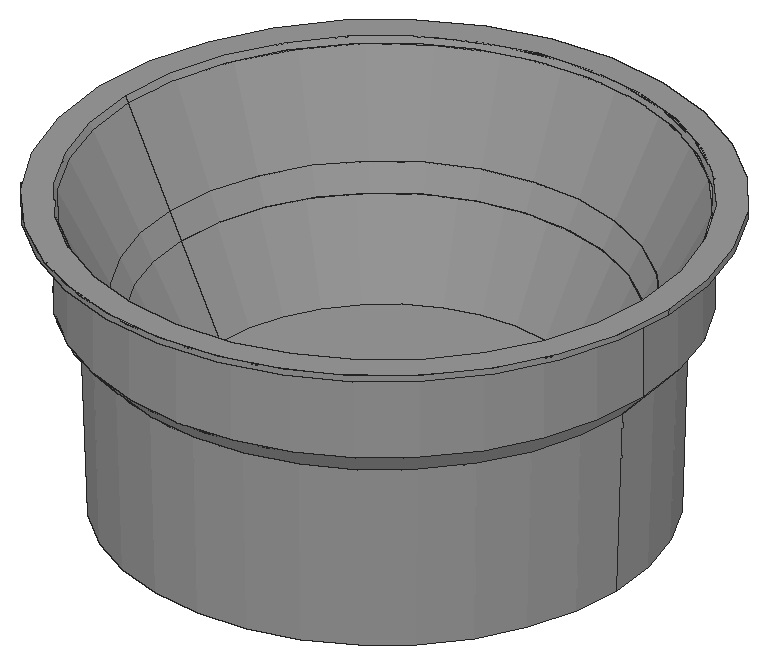
Revit family "2070230", category Lighting Fixtures, host Face, Revit 2018
Family settings
  Host = Face
  Round Connector Dimension = Use Diameter
  Part Type = Normal
  OmniClass Number = 23.80.70.00
  OmniClass Title = Lighting
  Cut with Voids When Loaded = No
  Light Source = Yes
  Shared = No
  Room Calculation Point = No
Parameters (values of type "2070230 SOLST 200 1800LM 940  DALI GB")
  Weight = "n/a"
  Wattage Comments = ""
  Wattage = 9.2903 W
  WarrantyStartDate [instance] = "n/a"
  WarrantyGuarantorParts = "n/a"
  WarrantyDurationUnit = "n/a"
  WarrantyDurationParts = ""
  WarrantyDescription = "http://www.sylvania-lighting.com"
  built-in parameter 1150110 = 1 (stored number, unit not read)
  Voltage = 0 V
  URL = "0.96"
  TypeName = "Solstice 200 1800lm 940  DALI GB"
  Type Image = <None>
  Type Comments = "n/a"
  built-in parameter 1114217 = 1 (stored number, unit not read)
  Tilt Angle = -90.00°
  built-in parameter 1150109 = 1 (stored number, unit not read)
  built-in parameter 1150134 = 3
  built-in parameter 1150113 = 1 (stored number, unit not read)
  SerialNumber [instance] = "n/a"
  Photometric Web File = "2070230.IES"
  Material_3_SYL = none
  PowerFactor = 0
  PowerConsumption = "Lighting"
  NominalLength = 215 mm
  NominalHeight = 100 mm
  NominalDepth = 215 mm
  Name = "Solstice 200 1800lm 940  DALI GB"
  ModelReference = Name  # "Solstice 200 1800lm 940  DALI GB"
  ModelNumber = "2070230"
  Model = Name  # "Solstice 200 1800lm 940  DALI GB"
  Material = "Feilo Sylvania"
  ManufacturerName = "106 lm/W"
  Manufacturer = ""
  LuminousEfficacy = ""
  built-in parameter 1150105 = 109.82 (stored number, unit not read)
  Lumens = 1380 lm
  LuminaireType = "0"
  built-in parameter 1150115 = 1 (stored number, unit not read)
  LightOutputRatio = "LED"
  built-in parameter 1150137 = (empty or 0)
  built-in parameter 1150139 = (empty or 0)
  LampsType = Lamp  # "n/a"
  LampNominalLuminous = "4000 K"
  LampMacAdamStep = "90"
  LampColourTemperature = "LED"
  LampColourRenderingIndex = "16500"
  built-in parameter 1150112 = 1 (stored number, unit not read)
  built-in parameter 1150114 = 1 (stored number, unit not read)
  Lamp = "n/a"
  Keynote = "n/a"
  InstallationDate [instance] = "n/a"
  InputVoltage = "0"
  InputNominalFrequency = "4000"
  built-in parameter 1150132 = (empty or 0)
  built-in parameter 1150102 = (empty or 0)
  built-in parameter 1150107 = 3200 (stored number, unit not read)
  built-in parameter 1150138 = (empty or 0)
  IngressProtection = "IfcLightFixtureType"
  ImpactProtectionIndex = "IfcLightFixtureType"
  built-in parameter 1150106 = 1.0982 (stored number, unit not read)
  IfcExportType = "IfcLightFixtureType"
  IfcExportAs = "Class II"
  Emit from Circle Diameter = 609.6 mm
  Emit Shape Visible in Rendering = no
  ElectricShockClassification = "106"
  built-in parameter 1150104 = 13.8 (stored number, unit not read)
  DocumentationLiterature = "http://www.sylvania-lighting.com/product/en-int/products/2070230"
  DimmingControlOptions = "n/a"
  Material_2_SYL = none
  Dimming Lamp Color Temperature Shift = <None>
  Description = "The Solstice 200 1800lm 940 DALI GB is a high efficient DALI dimmable downlight luminaire, Colour rendering index Ra>90, Colour temperature: 4000K Neutral White, Class II, Protection rating IP40/IP20, Cut out dimensions: 150mm."
  Default Elevation = 1219.2 mm
  CreatedOn = "03/08/2023"
  CreatedBy = "@sylvania-lighting.com"
  Cost = 0
  Color Filter = 16777215
  built-in parameter 1114216 [instance] = (empty or 0)
  ClassificationValue = "EF_70_80"
  ClassificationName = "Uniclass2015"
  Material_1_SYL = none
  BarCode [instance] = "n/a"
  built-in parameter 1114218 = 1 (stored number, unit not read)
  built-in parameter 1150133 = 10 (stored number, unit not read)
  AssetType = "Fixed"
  AssetIdentifier [instance] = "n/a"
  Assembly Code = "D5020200"
  Apparent Load = 17 VA
  Material_4_SYL = none
Reference planes
  plane 1 "Center (Front/Back)": y = 0
  plane 2: z = 0
  plane 3 "Center (Left/Right)": x = 0
  plane 4: x = -107.5
  plane 5: x = 107.5
  plane 6: y = 107.5
  plane 7: y = -107.5
  plane 8: z = -100
  plane 9: through (22.818, 35.261, 1219.2) normal (0.8403, -0.5421, 0)
Forms (mm)
  Extrusion 1, solid, material "Aluminum", detail levels medium+fine
    sketch origin (0, 0, 0) x (1, 0, 0) y (0, 1, 0)
      loop
        circle (0, 0) r 107.5
    from 0 to 2
  Extrusion 2, solid, material "Aluminum", detail levels medium+fine
    sketch origin (0, 0, 0) x (1, 0, 0) y (0, 1, 0)
      loop
        circle (0, 0) r 98
    from 0 to -31
  Blend 3, solid, material "Aluminum", detail levels medium+fine
    base sketch origin (0, 0, 0) x (1, 0, 0) y (0, 1, 0)
      loop
        circle (0, 0) r 98
    top sketch origin (0, 0, 0) x (1, 0, 0) y (0, 1, 0)
      loop
        circle (0, 0) r 90
    from -31 to -39.5
  Blend 4, solid, material "Aluminum", detail levels medium+fine
    base sketch origin (0, 1219.2, 38) x (1, 0, 0) y (0, 1, 0)
      loop
        circle (0, -1219.2) r 90
    top sketch origin (0, 1219.2, 38) x (1, 0, 0) y (0, 1, 0)
      loop
        circle (0, -1219.2) r 88
    from -77.5 to -138
  Blend 5, solid, material "Glass, White, High Luminance", detail levels fine
    base sketch origin (0, 1219.2, 38) x (1, 0, 0) y (0, 1, 0)
      loop
        circle (0, -1219.2) r 61.5
    top sketch origin (0, 1219.2, 38) x (1, 0, 0) y (0, 1, 0)
      loop
        circle (0, -1219.2) r 61.5
    from -108 to -106.452
  Extrusion 6, solid, material "Aluminum", detail levels medium+fine
    sketch origin (0, 1219.2, 38) x (1, 0, 0) y (0, 1, 0)
      loop
        circle (0.108, -1219.141) r 41.941
    from -137.794 to -138
  Extrusion 7, solid, detail levels coarse
    sketch origin (0, 0, 0) x (1, 0, 0) y (0, 0, 1)
      loop
        line (-107.5, 2) -> (-107.5, -100) -> (107.5, -100) -> (107.5, 2) -> (-107.5, 2)
    from -107.5 to 107.5
  Blend 8, void
    base sketch origin (0, 0, 0) x (1, 0, 0) y (0, 1, 0)
      loop
        circle (0.108, 0.059) r 98
    top sketch origin (0, 0, 0) x (1, 0, 0) y (0, 1, 0)
      loop
        circle (0.108, 0.059) r 61.5
    from 2 to -70
Cuts and joins
  Blend 8 cuts Extrusion 1
  Blend 8 cuts Extrusion 7
  Blend 8 cuts Extrusion 2
  Blend 8 cuts Blend 4
  Blend 8 cuts Blend 3
Dimensions and locks
  "NominalLength": plane 4 to plane 5
  equal spacing: plane 4, plane 3 "Center (Left/Right)", plane 5
  "NominalDepth": plane 6 to plane 7
  equal spacing: plane 6, plane 1 "Center (Front/Back)", plane 7
  "NominalHeight": level to plane 8
  aligned and locked: plane 2 to host face
  aligned and locked: level to host face
Automatic sketch dimensions
  host sketch curve to host sketch curve = 2438.4 mm  (x2)
  plane 1 "Center (Front/Back)" to Extrusion 1 sketch curve = 0 mm
  Extrusion 1 sketch curve to plane 3 "Center (Left/Right)" = 0 mm
  plane 1 "Center (Front/Back)" to Extrusion 2 sketch curve = 0 mm
  Extrusion 2 sketch curve to plane 3 "Center (Left/Right)" = 0 mm
  plane 1 "Center (Front/Back)" to Blend 3 sketch curve = 0 mm  (x2)
  Blend 3 sketch curve to plane 3 "Center (Left/Right)" = 0 mm  (x2)
  plane 1 "Center (Front/Back)" to Blend 4 sketch curve = 0 mm  (x2)
  Blend 4 sketch curve to plane 3 "Center (Left/Right)" = 0 mm  (x2)
  plane 1 "Center (Front/Back)" to Blend 5 sketch curve = 0 mm  (x2)
  Blend 5 sketch curve to plane 3 "Center (Left/Right)" = 0 mm  (x2)
  plane 3 "Center (Left/Right)" to Extrusion 6 sketch curve = 0.108 mm
  Extrusion 6 sketch curve to plane 1 "Center (Front/Back)" = 0.059 mm
  Extrusion 7 sketch curve to plane 4 = 0 mm
  plane 5 to Extrusion 7 sketch curve = 0 mm
  Extrusion 7 sketch curve to plane 8 = 0 mm
  level to Extrusion 7 sketch curve = 2 mm
  plane 9 to Blend 8 sketch curve = 0 mm  (x2)
  Blend 8 sketch curve to plane 1 "Center (Front/Back)" = 0.059 mm  (x2)
  radius of Extrusion 1 sketch curve = 107.5 mm
  radius of Extrusion 2 sketch curve = 98 mm
  radius of Blend 3 sketch curve = 98 mm
  radius of Blend 3 sketch curve = 90 mm
  radius of Blend 4 sketch curve = 90 mm
  radius of Blend 4 sketch curve = 88 mm
  radius of Blend 5 sketch curve = 61.5 mm  (x2)
  radius of Extrusion 6 sketch curve = 41.941 mm
  radius of Blend 8 sketch curve = 98 mm
  radius of Blend 8 sketch curve = 61.5 mm
Connectors
  electrical at (0.108, 0.059, -99.794)
    settings: on Extrusion 6, index 1, voltage 0 V, apparent load 0 VA, apparent load phase1 0 VA, apparent load phase2 0 VA, apparent load phase3 0 VA, power factor 1, load classification "Other", number of poles 1, system type 31, power factor state 1, is connector primary yes, connector utility no, sub classification motor no, connector description ""
